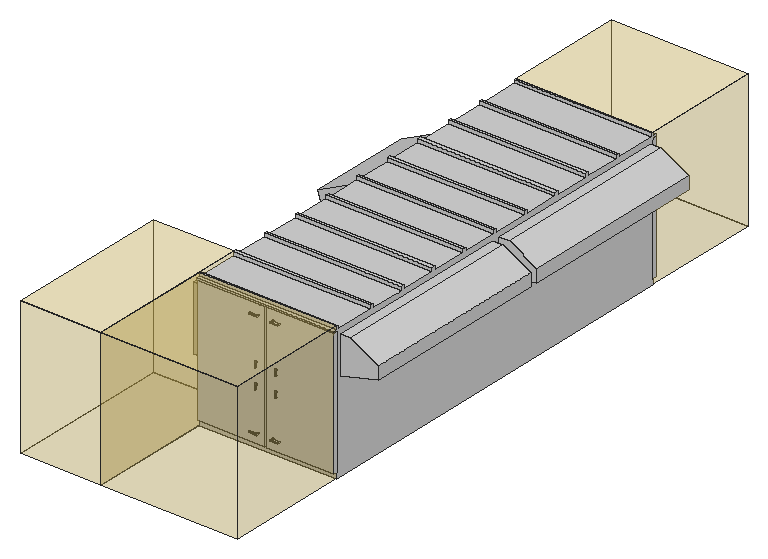
Revit family "Ventilator-RenewAire-Energy-Recovery-LE10XRTR", category Mechanical Equipment, Revit 2015
Parameters (values of type "10.0 HP 208-230 Three Phase")
  Voltage = "208-230"
  Ventilation Type = "Static Plate, Heat and Humidity Transfer"
  Unit Width = "205-1/2\""
  Unit Weight - Modular = "1,493-2,057 lbs."
  Unit Weight - Assembled = "3,031-3,993 lbs"
  Unit Length = "111-1/4\""
  Unit Height = "71-1/4\""
  Unit = Metal - RenewAire - Anodized - Gray Text
  URL = "www.renewaire.com"
  Typical Airflow Range = "2,500-11,000 CFM"
  Standard Features = "TEFC Premium efficiency motors, Motor starters, Non-fused disconnect, 24 VAC transformer/relay package, Rubber vibration isolators"
  Shipping Weight - Assembled = "4,433 lbs."
  Service Area Visibility = yes
  Service Area Box = Interference - RenewAire - Smooth - Light - Gold
  Revit Object Download Link = ""
  Phase = "Three"
  Options = "Integrated programmable controls, Fused disconnect, Double wall construction, Factory supplied and mounted variable frequency drives (VFDs) - one or both airstreams, Class 1 low-leakage motorized isolation dampers - OA, RA or both airstreams, Qty. 2 Factory mounted filter alarms, Exterior Paint - white, custom colors, Spring Vibration Isolators"
  Number Motors = "Qty. 2, Belt drive blower/ standard motor packages with choice of adjustable sheaves for low, medium or high blower speed"
  Model = "LE10XRTR"
  Minimum Circuit Amps = "60.8A"
  Maximum Overcurrent Protection = "80A"
  Max. Shipping Height - Modular = "78\""
  Max. Shipping Width - Assembled = "90\""
  Max. Shipping Weight - Module 2 = "2,245 lbs."
  Max. Shipping Weight - Module 1 = "2,277 lbs."
  Max. Shipping Width - Modular = "90\""
  Max. Shipping Length - Assembled = "240\""
  Max. Shipping Length - Modular = "120\""
  Max. Shipping Height - Assembled = "78\""
  Manufacturer = "RenewAire LLC"
  Frequency = "60 HZ"
  FLA per Motor = "27.0-24.4"
  Description = "Energy Recovery Ventilator"
  Connector Base Material = Glass - With - Transparency
  Accessories = "Filters - MERV 13, 2\" or 4\"; MERV 8, 4\"  (shipped loose), Roof curb - standard 14\", Curb wind clip,  Digital time clock - wall mount(TC7D-W), in exterior enclosure (TC7D-E), Motion occupancy control - ceiling mount(MC-C), wall mount(MC-W), Carbon Dioxide control - duct mount(CO2-D), wall mount (CO2-W), Electric duct heater – EK series (1-60 kW), EH series (61-175 kW); designed for indoor ductwork installation only, Indirect gas-fired duct furnace - GH series (50-400 MBH), installed downstream of any fans"
  AHRI 1060 Certified Core = "Ten L125-G5"
Types (14): name | Voltage | Phase | Minimum Circuit Amps | Maximum Overcurrent Protection | FLA per Motor | Accessories
  (no name) | "208-230" | "Three" | "60.8A" | "80A" | "27.0-24.4" | "Filters - MERV 13, 2\" or 4\"; MERV 8, 4\"  (shipped loose), Roof curb - standard 14\", Curb wind clip,  Digital time clock - wall mount(TC7D-W), in exterior enclosure (TC7D-E), Motion occupancy control - ceiling mount(MC-C), wall mount(MC-W), Carbon Dioxide control - duct mount(CO2-D), wall mount (CO2-W), Electric duct heater – EK series (1-60 kW), EH series (61-175 kW); designed for indoor ductwork installation only, Indirect gas-fired duct furnace - GH series (50-400 MBH), installed downstream of any fans"
  3.0 HP 208-230V Single Phase | "208-230" | "Single" | "33.1 A" | "40 A" | "14.7 - 14" | "Filters - MERV 13, 2\" or 4\"; MERV 8, 4\"  (shipped loose), Roof curb - standard 14\", Curb wind clip,  Digital time clock - wall mount(TC7D-W), in exterior enclosure (TC7D-E), Motion occupancy control - ceiling mount(MC-C), wall mount(MC-W), Carbon Dioxide control - duct mount(CO2-D), wall mount (CO2-W), Electric duct heater – EK series (1-60 kW), EH series (61-175 kW); designed for indoor ductwork installation only, Indirect gas-fired duct furnace - GH series (50-400 MBH), installed downstream of any fans"
  3.0 HP 208-230V Three Phase | "208-230" | "Three" | "21.1 A" | "25 A" | "9.38-8.48" | "Filters - MERV 13, 2\" or 4\"; MERV 8, 4\"  (shipped loose), Roof curb - standard 14\", Curb wind clip,  Digital time clock - wall mount(TC7D-W), in exterior enclosure (TC7D-E), Motion occupancy control - ceiling mount(MC-C), wall mount(MC-W), Carbon Dioxide control - duct mount(CO2-D), wall mount (CO2-W), Electric duct heater – EK series (1-60 kW), EH series (61-175 kW); designed for indoor ductwork installation only, Indirect gas-fired duct furnace - GH series (50-400 MBH), installed downstream of any fans"
  3.0 HP 460V Three Phase | "460" | "Three" | "9.5 A" | "15 A" | "4.24" | "Filters - MERV 13, 2\" or 4\"; MERV 8, 4\"  (shipped loose), Roof curb - standard 14\", Curb wind clip,  Digital time clock - wall mount(TC7D-W), in exterior enclosure (TC7D-E), Motion occupancy control - ceiling mount(MC-C), wall mount(MC-W), Carbon Dioxide control - duct mount(CO2-D), wall mount (CO2-W), Electric duct heater – EK series (1-60 kW), EH series (61-175 kW); designed for indoor ductwork installation only, Indirect gas-fired duct furnace - GH series (50-400 MBH), installed downstream of any fans"
  3.0 HP 575V Three Phase | "575" | "Three" | "7.4 A" | "15 A" | "3.3" | "Filters - MERV 13, 2\" or 4\"; MERV 8, 4\"  (shipped loose), Roof curb - standard 14\", Curb wind clip,  Digital time clock - wall mount(TC7D-W), in exterior enclosure (TC7D-E), Motion occupancy control - ceiling mount(MC-C), wall mount(MC-W), Carbon Dioxide control - duct mount(CO2-D), wall mount (CO2-W), Electric duct heater – EK series (1-60 kW), EH series (61-175 kW); designed for indoor ductwork installation only, Indirect gas-fired duct furnace - GH series (50-400 MBH), installed downstream of any fans"
  5.0 HP 208-230V Three Phase | "208-230" | "Three" | "32.6 A" | "45 A" | "14.5-13.4" | "Filters - MERV 13, 2\" or 4\"; MERV 8, 4\"  (shipped loose), Roof curb - standard 14\", Curb wind clip,  Digital time clock - wall mount(TC7D-W), in exterior enclosure (TC7D-E), Motion occupancy control - ceiling mount(MC-C), wall mount(MC-W), Carbon Dioxide control - duct mount(CO2-D), wall mount (CO2-W), Electric duct heater – EK series (1-60 kW), EH series (61-175 kW); designed for indoor ductwork installation only, Indirect gas-fired duct furnace - GH series (50-400 MBH), installed downstream of any fans"
  5.0 HP 460V Three Phase | "460" | "Three" | "15.1 A" | "20 A" | "6.7" | "Filters - MERV 13, 2\" or 4\"; MERV 8, 4\"  (shipped loose), Roof curb - standard 14\", Curb wind clip,  Digital time clock - wall mount(TC7D-W), in exterior enclosure (TC7D-E), Motion occupancy control - ceiling mount(MC-C), wall mount(MC-W), Carbon Dioxide control - duct mount(CO2-D), wall mount (CO2-W), Electric duct heater – EK series (1-60 kW), EH series (61-175 kW); designed for indoor ductwork installation only, Indirect gas-fired duct furnace - GH series (50-400 MBH), installed downstream of any fans"
  5.0 HP 575V Three Phase | "575" | "Three" | "11.9 A" | "15 A" | "5.3" | "Filters - MERV 13, 2\" or 4\"; MERV 8, 4\"  (shipped loose), Roof curb - standard 14\", Curb wind clip,  Digital time clock - wall mount(TC7D-W), in exterior enclosure (TC7D-E), Motion occupancy control - ceiling mount(MC-C), wall mount(MC-W), Carbon Dioxide control - duct mount(CO2-D), wall mount (CO2-W), Electric duct heater – EK series (1-60 kW), EH series (61-175 kW); designed for indoor ductwork installation only, Indirect gas-fired duct furnace - GH series (50-400 MBH), installed downstream of any fans"
  7.5 HP 208-230V Three Phase | "208-230" | "Three" | "47.3 A" | "60 A" | "21.0-19.0" | "Filters - MERV 13, 2\" or 4\"; MERV 8, 4\"  (shipped loose), Roof curb - standard 14\", Curb wind clip,  Digital time clock - wall mount(TC7D-W), in exterior enclosure (TC7D-E), Motion occupancy control - ceiling mount(MC-C), wall mount(MC-W), Carbon Dioxide control - duct mount(CO2-D), wall mount (CO2-W), Electric duct heater – EK series (1-60 kW), EH series (61-175 kW); designed for indoor ductwork installation only, Indirect gas-fired duct furnace - GH series (50-400 MBH), installed downstream of any fans\r\nFilters - MERV 13, 2\" or 4\"; MERV 8, 4\"  (shipped loose), Roof curb - standard 14\", Curb wind clip, Engineered combo curb for Carrier RTU, Engineered combo curb for Trane RTU, Digital time clock - wall mount(TC7D-W), in exterior enclosure (TC7D-E), Motion occupancy control - ceiling mount(MC-C), wall mount(MC-W), Carbon Dioxide control - duct mount(CO2-D), wall mount (CO2-W), Electric duct heater – EK series (1-60 kW); designed for indoor ductwork installation only, EH series (61-175 kW), Indirect gas-fired duct furnace - GH series (50-400 MBH), installed downstream of any fans"
  7.5 HP 460V Three Phase | "460" | "Three" | "21.4 A" | "25 A" | "9.5" | "Filters - MERV 13, 2\" or 4\"; MERV 8, 4\"  (shipped loose), Roof curb - standard 14\", Curb wind clip,  Digital time clock - wall mount(TC7D-W), in exterior enclosure (TC7D-E), Motion occupancy control - ceiling mount(MC-C), wall mount(MC-W), Carbon Dioxide control - duct mount(CO2-D), wall mount (CO2-W), Electric duct heater – EK series (1-60 kW), EH series (61-175 kW); designed for indoor ductwork installation only, Indirect gas-fired duct furnace - GH series (50-400 MBH), installed downstream of any fans"
  7.5 HP 575V Three Phase | "575" | "Three" | "17.1 A" | "20 A" | "7.6" | "Filters - MERV 13, 2\" or 4\"; MERV 8, 4\"  (shipped loose), Roof curb - standard 14\", Curb wind clip,  Digital time clock - wall mount(TC7D-W), in exterior enclosure (TC7D-E), Motion occupancy control - ceiling mount(MC-C), wall mount(MC-W), Carbon Dioxide control - duct mount(CO2-D), wall mount (CO2-W), Electric duct heater – EK series (1-60 kW), EH series (61-175 kW); designed for indoor ductwork installation only, Indirect gas-fired duct furnace - GH series (50-400 MBH), installed downstream of any fans"
  10.0 HP 208-230 Three Phase | "208-230" | "Three" | "60.8A" | "80A" | "27.0-24.4" | "Filters - MERV 13, 2\" or 4\"; MERV 8, 4\"  (shipped loose), Roof curb - standard 14\", Curb wind clip,  Digital time clock - wall mount(TC7D-W), in exterior enclosure (TC7D-E), Motion occupancy control - ceiling mount(MC-C), wall mount(MC-W), Carbon Dioxide control - duct mount(CO2-D), wall mount (CO2-W), Electric duct heater – EK series (1-60 kW), EH series (61-175 kW); designed for indoor ductwork installation only, Indirect gas-fired duct furnace - GH series (50-400 MBH), installed downstream of any fans"
  10.0 HP 460 Three Phase | "460" | "Three" | "27.5A" | "35A" | "12.2" | "Filters - MERV 13, 2\" or 4\"; MERV 8, 4\"  (shipped loose), Roof curb - standard 14\", Curb wind clip,  Digital time clock - wall mount(TC7D-W), in exterior enclosure (TC7D-E), Motion occupancy control - ceiling mount(MC-C), wall mount(MC-W), Carbon Dioxide control - duct mount(CO2-D), wall mount (CO2-W), Electric duct heater – EK series (1-60 kW), EH series (61-175 kW); designed for indoor ductwork installation only, Indirect gas-fired duct furnace - GH series (50-400 MBH), installed downstream of any fans"
  10.0 HP 575 Three Phase | "575" | "Three" | "22.0A" | "30A" | "9.76" | "Filters - MERV 13, 2\" or 4\"; MERV 8, 4\"  (shipped loose), Roof curb - standard 14\", Curb wind clip,  Digital time clock - wall mount(TC7D-W), in exterior enclosure (TC7D-E), Motion occupancy control - ceiling mount(MC-C), wall mount(MC-W), Carbon Dioxide control - duct mount(CO2-D), wall mount (CO2-W), Electric duct heater – EK series (1-60 kW), EH series (61-175 kW); designed for indoor ductwork installation only, Indirect gas-fired duct furnace - GH series (50-400 MBH), installed downstream of any fans"
Reference planes (in)
  plane 1 "Center (Front/Back)": y = 0
  plane 2: z = 0
  plane 3 "Center (Left/Right)": x = 0
Forms (in)
  Extrusion 1, solid, material "Metal - RenewAire - Anodized - Gray Text"
    sketch origin (-0.48313, -45.9375, 75.0345) x (1, 0, 0) y (0, 0, -1)
      loop
        circle (-3.25, 67.0345) r 0.25
    from -56.3125 to -55.5625
  Extrusion 2, solid, material "Metal - RenewAire - Anodized - Gray Text"
    sketch origin (-0.48313, -45.9375, 75.0345) x (0, 1, 0) y (0, 0, -1)
      loop
        line (-56.3125, 67.2845) -> (-57.1875, 67.2845) -> (-57.1875, 66.7845) -> (-56.3125, 66.7845) -> (-56.3125, 67.2845)
    from 2.95437 to 7.02735
  Extrusion 3, solid, material "Metal - RenewAire - Anodized - Gray Text"
    sketch origin (-0.4375, -45.9375, 128.569) x (1, 0, 0) y (0, 0, -1)
      loop
        circle (-3.25, 67.0345) r 0.25
    from -56.3125 to -55.5625
  Extrusion 4, solid, material "Metal - RenewAire - Anodized - Gray Text"
    sketch origin (-0.48313, -45.9375, 128.569) x (0, 1, 0) y (0, 0, -1)
      loop
        line (-56.3125, 67.2845) -> (-57.1875, 67.2845) -> (-57.1875, 66.7845) -> (-56.3125, 66.7845) -> (-56.3125, 67.2845)
    from 2.95437 to 7.02735
  Extrusion 5, solid, material "Interference - RenewAire - Smooth - Light - Gold", visible <- "Service Area Visibility"
    sketch origin (19.25, -40, 0) x (1, 0, 0) y (0, 1, 0)
      loop
        line (-53.875, -38.125) -> (-94.8125, -38.125) -> (-94.8125, -122.25) -> (-53.875, -122.25) -> (-53.875, -38.125)
    from 0 to 69.25
  Extrusion 6, solid, material "Interference - RenewAire - Smooth - Light - Gold", visible <- "Service Area Visibility"
    sketch origin (0, -85.75, 0) x (1, 0, 0) y (0, 1, 0)
      loop
        line (34.625, -14.25) -> (-34.625, -14.25) -> (-34.625, -76.5) -> (34.625, -76.5) -> (34.625, -14.25)
    from 0 to 69.25
  Extrusion 7, solid, material "Metal - RenewAire - Anodized - Gray Text"
    sketch origin (0, 0, 0) x (0, 1, 0) y (0, 0, 1)
      loop
        line (99.25, 67.5) -> (78.35, 67.5) -> (78.35, 69.25) -> (76.85, 69.25) -> (76.85, 67.5) -> (58.95, 67.5) -> (58.95, 69.25) -> (57.45, 69.25) -> (57.45, 67.5) -> (39.55, 67.5) -> (39.55, 69.25) -> (38.05, 69.25) -> (38.05, 67.5) -> (20.15, 67.5) -> (20.15, 69.25) -> (18.65, 69.25) -> (18.65, 67.5) -> (0.75, 67.5) -> (0.75, 69.25) -> (-0.75, 69.25) -> (-0.75, 67.5) -> (-18.65, 67.5) -> (-18.65, 69.25) -> (-20.15, 69.25) -> (-20.15, 67.5) -> (-38.05, 67.5) -> (-38.05, 69.25) -> (-39.55, 69.25) -> (-39.55, 67.5) -> (-57.525, 67.5) -> (-57.525, 69.25) -> (-59.025, 69.25) -> (-59.025, 67.5) -> (-76.925, 67.5) -> (-76.925, 69.25) -> (-78.425, 69.25) -> (-78.425, 67.5) -> (-99.25, 67.5) -> (-99.25, 69.25) -> (-100, 69.25) -> (-100, 67.75) -> (-102, 67.75) -> (-102, 67) -> (-100, 67) -> (-100, 0) -> (100, 0) -> (100, 67) -> (102, 67) -> (102, 67.75) -> (100, 67.75) -> (100, 69.25) -> (99.25, 69.25) -> (99.25, 67.5)
    from -34.625 to 34.625
  Extrusion 8, solid, material "Interference - RenewAire - Smooth - Light - Gold", visible <- "Service Area Visibility"
    sketch origin (0, 7.34732, 0) x (1, 0, 0) y (0, 1, 0)
      loop
        line (34.625, 152.90268) -> (-34.625, 152.90268) -> (-34.625, 92.65268) -> (34.625, 92.65268) -> (34.625, 152.90268)
    from 0 to 69.25
  Extrusion 9, solid, material "Metal - RenewAire - Anodized - Gray Text"
    sketch origin (0, 0, 0) x (1, 0, 0) y (0, 0, 1)
      loop
        line (-34.625, 66.5) -> (-34.625, 3) -> (-0.5625, 3) -> (-0.5625, 66.5) -> (-34.625, 66.5)
    from 100 to 101.5
  Extrusion 10, solid, material "Metal - RenewAire - Anodized - Gray Text"
    sketch origin (-6.80202, 0, 0) x (1, 0, 0) y (0, 0, 1)
      loop
        line (7.36452, 66.5) -> (7.36452, 3) -> (41.42702, 3) -> (41.42702, 66.5) -> (7.36452, 66.5)
    from 100 to 101.5
  Extrusion 11, solid, material "Metal - RenewAire - Anodized - Gray Text"
    sketch origin (0, 0, 0) x (1, 0, 0) y (0, 0, 1)
      loop
        line (-34.625, 66.5) -> (-34.625, 3) -> (-0.5625, 3) -> (-0.5625, 66.5) -> (-34.625, 66.5)
    from -101.5 to -100
  Extrusion 12, solid, material "Metal - RenewAire - Anodized - Gray Text"
    sketch origin (-6.80202, 0, 0) x (1, 0, 0) y (0, 0, 1)
      loop
        line (7.36452, 66.5) -> (7.36452, 3) -> (41.42702, 3) -> (41.42702, 66.5) -> (7.36452, 66.5)
    from -101.5 to -100
  Extrusion 13, solid, material "Metal - RenewAire - Anodized - Gray Text"
    sketch origin (0, -40, 0) x (0, 1, 0) y (0, 0, 1)
      loop
        line (-38.125, 62) -> (-57.5, 62) -> (-57.5, 29.625) -> (-38.125, 29.625) -> (-38.125, 62)
    from -39.5625 to -34.625
  Extrusion 14, solid, material "Metal - RenewAire - Anodized - Gray Text"
    sketch origin (0, -40, 0) x (0, 1, 0) y (0, 0, 1)
      loop
        line (-49, 43.625) -> (-51.5, 43.625) -> (-51.5, 41.125) -> (-49, 41.125) -> (-49, 43.625)
    from -39.8125 to -39.5625
  Extrusion 15, solid, material "Metal - RenewAire - Anodized - Gray Text"
    sketch origin (0, -40, 0) x (0, 1, 0) y (0, 0, 1)
      loop
        circle (-50.24745, 42.375) r 1
    from -40.8125 to -39.8125
  Extrusion 16, solid, material "Metal - RenewAire - Anodized - Gray Text"
    sketch origin (0.48313, -45.9375, 75.0345) x (-1, 0, 0) y (0, 0, 1)
      loop
        circle (-3.25, -67.0345) r 0.25
    from -56.3125 to -55.5625
  Extrusion 17, solid, material "Metal - RenewAire - Anodized - Gray Text"
    sketch origin (0.48313, -45.9375, 75.0345) x (0, 1, 0) y (0, 0, 1)
      loop
        line (-56.3125, -67.2845) -> (-56.3125, -66.7845) -> (-57.1875, -66.7845) -> (-57.1875, -67.2845) -> (-56.3125, -67.2845)
    from 2.95437 to 7.02735
  Extrusion 18, solid, material "Metal - RenewAire - Anodized - Gray Text"
    sketch origin (0.4375, -45.9375, 128.569) x (-1, 0, 0) y (0, 0, 1)
      loop
        circle (-3.25, -67.0345) r 0.25
    from -56.3125 to -55.5625
  Extrusion 19, solid, material "Metal - RenewAire - Anodized - Gray Text"
    sketch origin (0.48313, -45.9375, 128.569) x (0, 1, 0) y (0, 0, 1)
      loop
        line (-56.3125, -67.2845) -> (-56.3125, -66.7845) -> (-57.1875, -66.7845) -> (-57.1875, -67.2845) -> (-56.3125, -67.2845)
    from 2.95437 to 7.02735
  Extrusion 20, solid, material "Metal - RenewAire - Anodized - Gray Text"
    sketch origin (-0.48313, 45.9375, 75.0345) x (1, 0, 0) y (0, 0, 1)
      loop
        circle (-3.25, -67.0345) r 0.25
    from -56.3125 to -55.5625
  Extrusion 21, solid, material "Metal - RenewAire - Anodized - Gray Text"
    sketch origin (-0.48313, 45.9375, 75.0345) x (0, -1, 0) y (0, 0, 1)
      loop
        line (-56.3125, -67.2845) -> (-56.3125, -66.7845) -> (-57.1875, -66.7845) -> (-57.1875, -67.2845) -> (-56.3125, -67.2845)
    from 2.95437 to 7.02735
  Extrusion 22, solid, material "Metal - RenewAire - Anodized - Gray Text"
    sketch origin (-0.4375, 45.9375, 128.569) x (1, 0, 0) y (0, 0, 1)
      loop
        circle (-3.25, -67.0345) r 0.25
    from -56.3125 to -55.5625
  Extrusion 23, solid, material "Metal - RenewAire - Anodized - Gray Text"
    sketch origin (-0.48313, 45.9375, 128.569) x (0, -1, 0) y (0, 0, 1)
      loop
        line (-56.3125, -67.2845) -> (-56.3125, -66.7845) -> (-57.1875, -66.7845) -> (-57.1875, -67.2845) -> (-56.3125, -67.2845)
    from 2.95437 to 7.02735
  Extrusion 24, solid, material "Metal - RenewAire - Anodized - Gray Text"
    sketch origin (0.48313, 45.9375, 75.0345) x (-1, 0, 0) y (0, 0, -1)
      loop
        circle (-3.25, 67.0345) r 0.25
    from -56.3125 to -55.5625
  Extrusion 25, solid, material "Metal - RenewAire - Anodized - Gray Text"
    sketch origin (0.48313, 45.9375, 75.0345) x (0, -1, 0) y (0, 0, -1)
      loop
        line (-56.3125, 67.2845) -> (-57.1875, 67.2845) -> (-57.1875, 66.7845) -> (-56.3125, 66.7845) -> (-56.3125, 67.2845)
    from 2.95437 to 7.02735
  Extrusion 26, solid, material "Metal - RenewAire - Anodized - Gray Text"
    sketch origin (0.4375, 45.9375, 128.569) x (-1, 0, 0) y (0, 0, -1)
      loop
        circle (-3.25, 67.0345) r 0.25
    from -56.3125 to -55.5625
  Extrusion 27, solid, material "Metal - RenewAire - Anodized - Gray Text"
    sketch origin (0.48313, 45.9375, 128.569) x (0, -1, 0) y (0, 0, -1)
      loop
        line (-56.3125, 67.2845) -> (-57.1875, 67.2845) -> (-57.1875, 66.7845) -> (-56.3125, 66.7845) -> (-56.3125, 67.2845)
    from 2.95437 to 7.02735
  Extrusion 28, solid, material "Metal - RenewAire - Anodized - Gray Text"
    sketch origin (0, 0, 0) x (0, 1, 0) y (0, 0, 1)
      loop
        line (-4.625, 32.75) -> (-52.625, 32.75) -> (-52.625, 8.75) -> (-4.625, 8.75) -> (-4.625, 32.75)
      loop
        line (-4.875, 32.5) -> (-52.375, 32.5) -> (-52.375, 9) -> (-4.875, 9) -> (-4.875, 32.5)
    from -36.625 to -34.625
  Extrusion 29, void
    sketch origin (0, 0, 0) x (1, 0, 0) y (0, 1, 0)
      loop
        line (2.75, -5.375) -> (2.75, -53.375) -> (26.75, -53.375) -> (26.75, -5.375) -> (2.75, -5.375)
    from -2.22657 to 4.75
  Extrusion 30, solid, material "Metal - RenewAire - Anodized - Gray Text"
    sketch origin (0, 0, 0.25) x (1, 0, 0) y (0, 0, 1)
      loop
        line (-34.625, 64.375) -> (-56.875, 53.375) -> (-51.875, 37) -> (-34.625, 37) -> (-34.625, 64.375)
    from -55.375 to -2.75
  Extrusion 31, solid, material "Metal - RenewAire - Anodized - Gray Text"
    sketch origin (0, 0, 0) x (1, 0, 0) y (0, 0, 1)
      loop
        line (34.625, 65) -> (34.625, 46) -> (54.25, 51) -> (54.25, 57.5) -> (40.375, 65) -> (34.625, 65)
    from 2 to 98
  Extrusion 32, solid, material "Metal - RenewAire - Anodized - Gray Text"
    sketch origin (0, 0, 0) x (1, 0, 0) y (0, 0, 1)
      loop
        line (34.625, 65) -> (34.625, 46) -> (54.25, 51) -> (54.25, 57.5) -> (40.375, 65) -> (34.625, 65)
    from -98 to -2
  Extrusion 33, void
    sketch origin (0, 0, 0) x (1, 0, 0) y (0, 1, 0)
      loop
        line (-34.125, 98.75) -> (-34.125, -99) -> (34.125, -99) -> (34.125, 98.75) -> (-34.125, 98.75)
    from -1.04043 to 4.625
Cuts and joins
  Extrusion 29, Extrusion 33 cuts Extrusion 7
Dimensions and locks (in)
  aligned and locked: level to plane 2
  aligned and locked: Extrusion 6 to Extrusion 10
  aligned and locked: Extrusion 6 to Extrusion 12
  aligned and locked: Extrusion 6 to Extrusion 7  (x2)
Nested families (in)
  nested 1: "Monitoring Port" at (-5.0625, -101.5, 27.071), type "Monitoring Port"
  nested 2: "Monitoring Port" at (-5.0625, -101.5, 37.1055), type "Monitoring Port"
  nested 3: "Monitoring Port" at (5.0625, -101.5, 27.071) x (-1, 0, 0) z (0, 0, 1), type "Monitoring Port"
  nested 4: "Monitoring Port" at (5.0625, -101.5, 37.1055) x (-1, 0, 0) z (0, 0, 1), type "Monitoring Port"
  nested 5: "Monitoring Port" at (-5.0625, 101.5, 27.071), type "Monitoring Port"
  nested 6: "Monitoring Port" at (-5.0625, 101.5, 37.1055), type "Monitoring Port"
  nested 7: "Monitoring Port" at (5.0625, 101.5, 27.071) x (-1, 0, 0) z (0, 0, 1), type "Monitoring Port"
  nested 8: "Monitoring Port" at (5.0625, 101.5, 37.1055) x (-1, 0, 0) z (0, 0, 1), type "Monitoring Port"
Connectors (in)
  hvac at (-36.625, -28.625, 20.75)
    settings: on Extrusion 28, index 2, duct flow 0 CFM, flow factor 0, pres drop 0.00 in-wg, loss coef 0, conn angle 0.00°, conn width 48", conn height 24", conn diameter 24", duct sys type 1, conn prof type 1, flow config 0, flow direction 2, loss method 0, conn ref index -1, conn util no, is conn primary yes, conn desc "FA (Fresh Air)"
  hvac at (14.75, -29.375, 4.75)
    settings: on cut or joined group of Extrusion 7, Extrusion 29, Extrusion 33, index 3, duct flow 0 CFM, flow factor 0, pres drop 0.00 in-wg, loss coef 0, conn angle 0.00°, conn width 48", conn height 24", conn diameter 24", duct sys type 2, conn prof type 1, flow config 0, flow direction 1, loss method 0, conn ref index -1, conn util no, is conn primary no, conn desc "RA (Return Air)"
Definition of nested family "Monitoring Port"
  Parameters (values of type "Monitoring Port")
    URL = "www.renewaire.com"
    Revit Object Download Link = ""
    Model = ""
    Manufacturer = "RenewAire LLC"
    Description = "Monitoring Ports"
  Reference planes (in)
    plane 1 "Center (Front/Back)": y = 0
    plane 2: z = 0
    plane 3 "Center (Left/Right)": x = 0
  Forms (in)
    Extrusion 1, solid
      sketch origin (-9.43348, 0, 37.76669) x (-1, 0, 0) y (0, 0, -1)
        loop
          line (-9.53348, 35.65895) -> (-9.94097, 35.42369) -> (-9.94097, 34.83769) -> (-9.43348, 34.54469) -> (-8.92599, 34.83769) -> (-8.92599, 35.42369) -> (-9.33348, 35.65895) -> (-9.33348, 37.28756)
          arc (-9.33348, 37.28756) -> (-9.43348, 37.76669) -> (-9.53348, 37.28756) r 0.25
          line (-9.53348, 37.28756) -> (-9.53348, 35.65895)
      from 0 to 0.25
  Dimensions and locks (in)
    aligned and locked: level to plane 2
